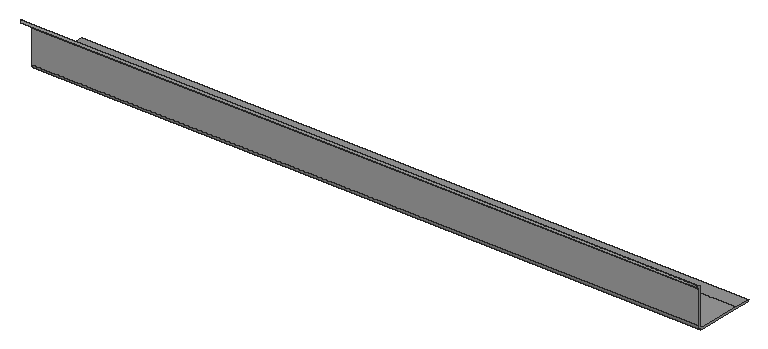
Revit family "SBK 1050-1350", category Generic Models, Revit 2014
Parameters (values of type "Max lintel length 1350mm")
  URL = "http://www.keystonelintels.co.uk"
  Structural Opening [instance] = 750 mm
  Structural Performance = "The Keystone lintel range has safe working loads as detailed in each applicable loading table in the Keystone Lintel Guide brochure. The structural performance figures within each table have been ascertained by testing in accordance with the requirements of standards BS EN 5977-2: 1983 and BS EN 845-2: 2003."
  RIBA Productor Selector = "available for Keystone Lintels Ltd from Keystone Lintels Ltd from ribaproductselector.com"
  Model = "SB/K 1050-1350"
  Min Length = 1050 mm
  Min Clear Span = 300 mm
  Max Length = 1350 mm
  Max Clear Span = 4800 mm
  Material - Stainless Steel = "Grade 304 2b 1.4307 to BS EN 10088-2. Other grades available on request: contact manufacturer."
  Material - Galvanised Steel = "To BS EN 10346: 2009. DX51D plus Z600 or grade Z275 to BS 5977-2: 1983 (BS EN 845-2: 2003)."
  Manufacturer = "Keystone"
  Manufactured Length [instance] = (roundup(Effective Length / 150 mm) * 150 mm)  # 1050 mm
  Lintel height [instance] = 2100 mm
  Keynote = "F30/755"
  Fire Performance = "Keystone lintels have been subjected to a fire test (WARRES No. 101263) in accordance with BS 476-20: 1987, at Exova Warrington Fire and achieved a one hour fire performance."
  End Bearing = 150 mm
  Effective Length [instance] = Clear Opening with MIN MAX set + End Bearing * 2  # 1050 mm
  Corrosion = "Keystone’s standard range of lintels are manufactured from high quality grade pre-galvanized carbon steel with a zinc coating of 600"
  Contact Tel = "+44 (0)28 8676 2184"
  Contact Email = "info@keystonelintels.co.uk"
  Clear Opening with MIN MAX set [instance] = if(Structural Opening < Min Clear Span, Min Clear Span, (if(Structural Opening > Max Clear Span, Max Clear Span, Structural Opening)))  # 750 mm
  CPD Information = "Available for Keystone Lintels Ltd from ribacpd.com"
Reference planes
  plane 1 "Center (Front/Back)": y = 0
  plane 2: z = 0
  plane 3 "Center (Left/Right)": x = 0
  plane 4: x = -525
  plane 5: x = 525
  plane 6: z = 2100
  plane 7: x = -375
  plane 8: x = 375
Forms (mm)
  Extrusion 1, solid, material "Steel"
    sketch origin (0, 754.29, -570.68) x (0, 1, 0) y (0, 0, 1)
      loop
        line (-656.299, 2672.7) -> (-681.306, 2673.58) -> (-746.39, 2673.58)
        arc (-746.39, 2673.58) -> (-749.925, 2675.044) -> (-751.39, 2678.58) r 5
        line (-751.39, 2678.58) -> (-751.39, 2730.89)
        arc (-751.39, 2730.89) -> (-751.943, 2733.152) -> (-753.479, 2734.904) r 4.9
        line (-753.479, 2734.904) -> (-776.01, 2750.68) -> (-777.673, 2748.304) -> (-755.569, 2732.827)
        arc (-755.569, 2732.827) -> (-754.629, 2731.754) -> (-754.29, 2730.369) r 3
        line (-754.29, 2730.369) -> (-754.29, 2678.58)
        arc (-754.29, 2678.58) -> (-751.976, 2672.994) -> (-746.39, 2670.68) r 7.9
        line (-746.39, 2670.68) -> (-681.357, 2670.68) -> (-656.401, 2669.802) -> (-656.299, 2672.7)
    from -525 to 525
  Extrusion 2, solid, not visible
    sketch origin (0, 854.004, 1109.52) x (0, 1, 0) y (0, 0, 1)
      loop
        line (-656.299, 1072.7) -> (-681.306, 1073.58) -> (-746.39, 1073.58)
        arc (-746.39, 1073.58) -> (-749.925, 1075.044) -> (-751.39, 1078.58) r 5
        line (-751.39, 1078.58) -> (-751.39, 1130.89)
        arc (-751.39, 1130.89) -> (-751.943, 1133.152) -> (-753.479, 1134.904) r 4.9
        line (-753.479, 1134.904) -> (-776.01, 1150.68) -> (-777.673, 1148.304) -> (-755.569, 1132.827)
        arc (-755.569, 1132.827) -> (-754.629, 1131.754) -> (-754.29, 1130.369) r 3
        line (-754.29, 1130.369) -> (-754.29, 1078.58)
        arc (-754.29, 1078.58) -> (-751.976, 1072.994) -> (-746.39, 1070.68) r 7.9
        line (-746.39, 1070.68) -> (-681.357, 1070.68) -> (-656.401, 1069.802) -> (-656.299, 1072.7)
    from 0 to 250
Dimensions and locks
  equal spacing: plane 4, plane 3 "Center (Left/Right)", plane 5
  "Manufactured Length": plane 4 to plane 5
  "Lintel height": plane 6 to level
  "Structural Opening": plane 7 to plane 8
  equal spacing: plane 7, plane 3 "Center (Left/Right)", plane 8
  aligned and locked: level to plane 2
  aligned and locked: Extrusion 1 to plane 6
  aligned and locked: plane 5 to Extrusion 1
  aligned and locked: Extrusion 1 to plane 4
Automatic sketch dimensions
  Extrusion 1 sketch curve to Extrusion 1 sketch curve = 65.083 mm
  Extrusion 1 sketch curve to Extrusion 1 sketch curve = 0.879 mm
  Extrusion 1 sketch curve to Extrusion 1 sketch curve = 0.102 mm
  Extrusion 1 sketch curve to Extrusion 1 sketch curve = 0.051 mm
  Extrusion 1 sketch curve to Extrusion 1 sketch curve = 5 mm
  Extrusion 1 sketch curve to Extrusion 1 sketch curve = 0 mm  (x4)
  Extrusion 1 sketch curve to Extrusion 1 sketch curve = 52.31 mm
  Extrusion 1 sketch curve to Extrusion 1 sketch curve = 0.521 mm
  Extrusion 1 sketch curve to Extrusion 1 sketch curve = 3 mm
  Extrusion 1 sketch curve to Extrusion 1 sketch curve = 1.279 mm
  Extrusion 1 sketch curve to Extrusion 1 sketch curve = 1 mm
  Extrusion 1 sketch curve to Extrusion 1 sketch curve = 2.09 mm
  Extrusion 1 sketch curve to Extrusion 1 sketch curve = 17.853 mm
  Extrusion 1 sketch curve to Extrusion 1 sketch curve = 1.663 mm
  Extrusion 1 sketch curve to Extrusion 1 sketch curve = 2.376 mm
  Extrusion 2 sketch curve to Extrusion 2 sketch curve = 65.083 mm
  Extrusion 2 sketch curve to Extrusion 2 sketch curve = 0.879 mm
  Extrusion 2 sketch curve to Extrusion 2 sketch curve = 0.102 mm
  Extrusion 2 sketch curve to Extrusion 2 sketch curve = 0.051 mm
  Extrusion 2 sketch curve to Extrusion 2 sketch curve = 5 mm
  Extrusion 2 sketch curve to Extrusion 2 sketch curve = 0 mm  (x4)
  Extrusion 2 sketch curve to Extrusion 2 sketch curve = 52.31 mm
  Extrusion 2 sketch curve to Extrusion 2 sketch curve = 0.521 mm
  Extrusion 2 sketch curve to Extrusion 2 sketch curve = 3 mm
  Extrusion 2 sketch curve to Extrusion 2 sketch curve = 1.279 mm
  Extrusion 2 sketch curve to Extrusion 2 sketch curve = 1 mm
  Extrusion 2 sketch curve to Extrusion 2 sketch curve = 2.09 mm
  Extrusion 2 sketch curve to Extrusion 2 sketch curve = 17.853 mm
  Extrusion 2 sketch curve to Extrusion 2 sketch curve = 1.663 mm
  Extrusion 2 sketch curve to Extrusion 2 sketch curve = 2.376 mm
  Extrusion 1 sketch curve to plane 1 "Center (Front/Back)" = 0 mm
  Extrusion 1 sketch curve to plane 6 = 0 mm
